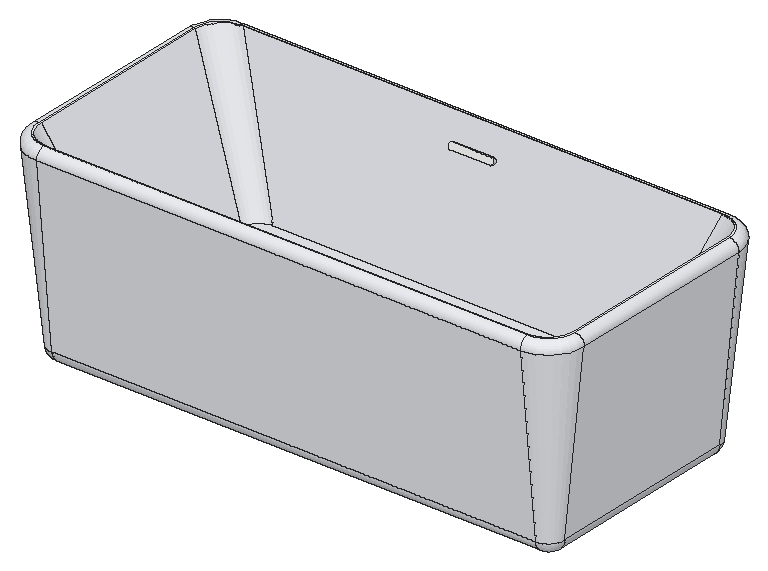
Revit family "Bathtub-Freestanding-American_Standard-Sedona_Loft-2766.034", category Plumbing Fixtures, Revit 2014
Parameters (values of type "2766.034")
  cUPC Compliant = yes
  Width = 29 7/8"
  Water Connection Diameter = 2 1/8"
  Waste Connection = yes
  Warranty Information = "Limited Lifetime warranty"
  WFU = 4
  Vent Connection = no
  URL = "https://www.americanstandard-us.com/"
  Tub Finish = Acrylic-American Standard-020-High Gloss White
  Shipping Weight = 103 lbf
  Product Page URL = "https://www.americanstandard-us.com/bathroom/bathtubs/sedona-loft-freestanding-tub-24553"
  Product Documentation Link = "https://www.americanstandard-us.com/-/media/sites/asus/files/product-specs/bathtubs/2017/spec-2766-034-sedonaloft-freestanding-tub.pdf?la=en"
  Price = "Prices may vary. Please consult Manufacturer Representative for most up-to-date price list."  # constant formula
  Overflow Finish = Metal-American Standard-002-Polished Chrome
  Model = "2766.034"
  Material = "Acrylic-American Standard-020-High Gloss White"
  Manufacturer = "American Standard"
  Length = 62 3/4"
  Installation Type = "Floor Mount"
  Height = 22 7/8"
  HWFU = 3
  HW Connection = yes
  Description = "Sedona Loft Freestanding Tub"
  Default Elevation = 0"
  Creation Date = "02/01/2018"  # constant formula
  CWFU = 3
  CW Connection = yes
  Assembly Code = "D2010510"
Reference planes (in)
  plane 1 "Center (Front/Back)": y = 0
  plane 2: z = 0
  plane 3 "Center (Left/Right)": x = 0
  plane 4: x = 2.5625
  plane 5: x = -2.5625
  plane 6: z = 22.875
  plane 7: z = 6.75
  plane 8: z = 20.125
  plane 9: y = -29.875
  plane 10: x = 31.375
  plane 11: x = -31.375
  plane 12: y = -3.80078
  plane 13: y = -14.9375
Forms (in)
  Extrusion 1, solid, material "Metal-American Standard-002-Polished Chrome" <- "Overflow Finish"
    sketch origin (0, -14.75342, -16.63414) x (1, 0, 0) y (0, 0.37677, 0.926307)
      loop
        arc (-2.20004, 39.02191) -> (-2.5625, 38.65946) -> (-2.20004, 38.297) r 0.36246
        line (-2.20004, 38.297) -> (2.20004, 38.297)
        arc (2.20004, 38.297) -> (2.5625, 38.65946) -> (2.20004, 39.02191) r 0.36246
        line (2.20004, 39.02191) -> (-2.20004, 39.02191)
    from 2.40998 to 2.62638
  Sweep 2, void
    path origin (0, 0, 0) x (1, 0, 0) y (0, 1, 0)
      loop
        arc (-27.375, 0) -> (-30.20343, -1.17157) -> (-31.375, -4) r 4
        line (-31.375, -4) -> (-31.375, -25.875)
        arc (-31.375, -25.875) -> (-30.20343, -28.70343) -> (-27.375, -29.875) r 4
        line (-27.375, -29.875) -> (27.375, -29.875)
        arc (27.375, -29.875) -> (30.20343, -28.70343) -> (31.375, -25.875) r 4
        line (31.375, -25.875) -> (31.375, -4)
        arc (31.375, -4) -> (30.20343, -1.17157) -> (27.375, 0) r 4
        line (27.375, 0) -> (-27.375, 0)
    profile origin (0, 0, 0) x (0, 1, 0) y (0, 0, 1)
      loop
        line (4, 22.875) -> (-1.00781, 22.875)
        arc (-1.00781, 22.875) -> (-0.26467, 22.54413) -> (-0.01329, 21.77047) r 1
        line (-0.01329, 21.77047) -> (-2.14823, 1.45786)
        arc (-2.14823, 1.45786) -> (-2.67798, 0.41817) -> (-3.76735, 0) r 1.62803
        line (-3.76735, 0) -> (4, 0) -> (4, 22.875)
  Extrusion 3, solid, material "Acrylic-American Standard-020-High Gloss White" <- "Tub Finish"
    sketch origin (0, 0, 0) x (1, 0, 0) y (0, 1, 0)
      loop
        line (-31.375, 0) -> (-31.375, -29.875) -> (31.375, -29.875) -> (31.375, 0) -> (-31.375, 0)
    from 0 to 22.875
  Blend 4, void
    base sketch origin (0, 0, 0) x (1, 0, 0) y (0, 1, 0)
      loop
        arc (-22.5, -22.8125) -> (-21.91421, -24.22671) -> (-20.5, -24.8125) r 2
        line (-20.5, -24.8125) -> (20.5, -24.8125)
        arc (20.5, -24.8125) -> (21.91421, -24.22671) -> (22.5, -22.8125) r 2
        line (22.5, -22.8125) -> (22.5, -7.0625)
        arc (22.5, -7.0625) -> (21.91421, -5.64829) -> (20.5, -5.0625) r 2
        line (20.5, -5.0625) -> (-20.5, -5.0625)
        arc (-20.5, -5.0625) -> (-21.91421, -5.64829) -> (-22.5, -7.0625) r 2
        line (-22.5, -7.0625) -> (-22.5, -22.8125)
    top sketch origin (0, 0, 0) x (1, 0, 0) y (0, 1, 0)
      loop
        arc (-30.11719, -25.8125) -> (-29.23851, -27.93382) -> (-27.11719, -28.8125) r 3
        line (-27.11719, -28.8125) -> (27.11719, -28.8125)
        arc (27.11719, -28.8125) -> (29.23851, -27.93382) -> (30.11719, -25.8125) r 3
        line (30.11719, -25.8125) -> (30.11719, -4.0625)
        arc (30.11719, -4.0625) -> (29.23851, -1.94118) -> (27.11719, -1.0625) r 3
        line (27.11719, -1.0625) -> (-27.11719, -1.0625)
        arc (-27.11719, -1.0625) -> (-29.23851, -1.94118) -> (-30.11719, -4.0625) r 3
        line (-30.11719, -4.0625) -> (-30.11719, -25.8125)
    from 6.75 to 22.875
  Extrusion 5, void
    sketch origin (0, 0, 0) x (1, 0, 0) y (0, 1, 0)
      loop
        circle (0, -14.9375) r 1.0325
    from 0 to 22.875
Cuts and joins
  Sweep 2, Blend 4, Extrusion 5 cuts Extrusion 3
Lines and regions (in)
  Masking region 1
    outline origin (0, 0, 0) x (1, 0, 0) y (0, 1, 0)
      loop
        arc (-27.375, 0) -> (-30.20343, -1.17157) -> (-31.375, -4) r 4
        line (-31.375, -4) -> (-31.375, -25.875)
        arc (-31.375, -25.875) -> (-30.20343, -28.70343) -> (-27.375, -29.875) r 4
        line (-27.375, -29.875) -> (27.375, -29.875)
        arc (27.375, -29.875) -> (30.20343, -28.70343) -> (31.375, -25.875) r 4
        line (31.375, -25.875) -> (31.375, -4)
        arc (31.375, -4) -> (30.20343, -1.17157) -> (27.375, 0) r 4
        line (27.375, 0) -> (-27.375, 0)
  symbolic lines, detail levels medium+fine
    curve 1: arc (-30.11719, -4.0625, 0) -> (-29.23851, -1.94118, 0) -> (-27.11719, -1.0625, 0) r 3
    curve 2: line (-30.11719, -25.8125, 0) -> (-30.11719, -4.0625, 0)
    curve 3: arc (-27.11719, -28.8125, 0) -> (-29.23851, -27.93382, 0) -> (-30.11719, -25.8125, 0) r 3
    curve 4: line (27.11719, -28.8125, 0) -> (-27.11719, -28.8125, 0)
    curve 5: arc (30.11719, -25.8125, 0) -> (29.23851, -27.93382, 0) -> (27.11719, -28.8125, 0) r 3
    curve 6: line (30.11719, -4.0625, 0) -> (30.11719, -25.8125, 0)
    curve 7: arc (27.11719, -1.0625, 0) -> (29.23851, -1.94118, 0) -> (30.11719, -4.0625, 0) r 3
    curve 8: line (-27.11719, -1.0625, 0) -> (27.11719, -1.0625, 0)
  symbolic lines, detail levels fine
    curve 9: line (20.5, -5.0625, 0) -> (-20.5, -5.0625, 0)
    curve 10: arc (-20.5, -5.0625, 0) -> (-21.91421, -5.64829, 0) -> (-22.5, -7.0625, 0) r 2
    curve 11: line (-22.5, -7.0625, 0) -> (-22.5, -22.8125, 0)
    curve 12: arc (-22.5, -22.8125, 0) -> (-21.91421, -24.22671, 0) -> (-20.5, -24.8125, 0) r 2
    curve 13: line (-20.5, -24.8125, 0) -> (20.5, -24.8125, 0)
    curve 14: arc (20.5, -24.8125, 0) -> (21.91421, -24.22671, 0) -> (22.5, -22.8125, 0) r 2
    curve 15: line (22.5, -22.8125, 0) -> (22.5, -7.0625, 0)
    curve 16: arc (22.5, -7.0625, 0) -> (21.91421, -5.64829, 0) -> (20.5, -5.0625, 0) r 2
    curve 17: line (-2.20004, -2.48396, 0) -> (2.20004, -2.48396, 0)
    curve 18: line (-2.20004, -2.28351, 0) -> (2.20004, -2.28351, 0)
    curve 19: line (-2.20004, -2.75709, 0) -> (2.20004, -2.75709, 0)
    curve 20: arc (-2.20004, -2.48396, 0) -> (-2.31526, -2.49202, 0) -> (-2.42823, -2.51603, 0) r 0.82783
    curve 21: arc (-2.42823, -2.51603, 0) -> (-2.48077, -2.53568, 0) -> (-2.52959, -2.5633, 0) r 0.35748
    curve 22: arc (-2.52959, -2.5633, 0) -> (-2.5504, -2.58375, 0) -> (-2.5625, -2.61029, 0) r 0.08005
    curve 23: arc (-2.5625, -2.61029, 0) -> (-2.56269, -2.6315, 0) -> (-2.55322, -2.65048, 0) r 0.04542
    curve 24: arc (-2.55322, -2.65048, 0) -> (-2.51152, -2.68869, 0) -> (-2.46135, -2.71481, 0) r 0.21667
    curve 25: arc (-2.46135, -2.71481, 0) -> (-2.39703, -2.73447, 0) -> (-2.331, -2.74731, 0) r 0.6426
    curve 26: arc (-2.331, -2.74731, 0) -> (-2.26568, -2.75433, 0) -> (-2.20004, -2.75709, 0) r 1.00957
    curve 27: line (-2.56385, -2.62128, 0) -> (-2.56385, -2.41631, 0)
    curve 28: arc (-2.56385, -2.41631, 0) -> (-2.5456, -2.37817, 0) -> (-2.51301, -2.35124, 0) r 0.09818
    curve 29: arc (-2.51301, -2.35124, 0) -> (-2.43699, -2.31664, 0) -> (-2.35579, -2.29711, 0) r 0.43798
    curve 30: arc (-2.35579, -2.29711, 0) -> (-2.27821, -2.28692, 0) -> (-2.20004, -2.28351, 0) r 0.89902
    curve 31: arc (2.20004, -2.48396, 0) -> (2.31526, -2.49202, 0) -> (2.42823, -2.51603, 0) r 0.82783
    curve 32: arc (2.42823, -2.51603, 0) -> (2.48077, -2.53568, 0) -> (2.52959, -2.5633, 0) r 0.35748
    curve 33: arc (2.52959, -2.5633, 0) -> (2.55227, -2.58654, 0) -> (2.56385, -2.61687, 0) r 0.08005
    curve 34: arc (2.5625, -2.61029, 0) -> (2.56269, -2.6315, 0) -> (2.55322, -2.65048, 0) r 0.04542
    curve 35: arc (2.55322, -2.65048, 0) -> (2.51152, -2.68869, 0) -> (2.46135, -2.71481, 0) r 0.21667
    curve 36: arc (2.46135, -2.71481, 0) -> (2.39703, -2.73447, 0) -> (2.331, -2.74731, 0) r 0.6426
    curve 37: arc (2.331, -2.74731, 0) -> (2.26568, -2.75433, 0) -> (2.20004, -2.75709, 0) r 1.00957
    curve 38: line (2.56385, -2.62128, 0) -> (2.56385, -2.41631, 0)
    curve 39: arc (2.56385, -2.41631, 0) -> (2.5456, -2.37817, 0) -> (2.51301, -2.35124, 0) r 0.09818
    curve 40: arc (2.51301, -2.35124, 0) -> (2.43699, -2.31664, 0) -> (2.35579, -2.29711, 0) r 0.43798
    curve 41: arc (2.35579, -2.29711, 0) -> (2.27821, -2.28692, 0) -> (2.20004, -2.28351, 0) r 0.89902
    curve 42: circle (0, -14.9375, 0) r 1.0625 normal (0, 0, 1)
Dimensions and locks (in)
  "Height": plane 6 to level
  plane 6 to plane 7 = 16 1/8"
  plane 5 to plane 4 = 5 1/8"
  "Length": plane 11 to plane 10
  "Width": plane 9 to plane 1 "Center (Front/Back)"
  cut or joined group of Sweep 2, Extrusion 3, Blend 4, Extrusion 5 to plane 8 = 2 3/4"
Automatic sketch dimensions
  Extrusion 1 sketch curve to plane 5 = 0.36246"
  Extrusion 1 sketch curve to plane 4 = 0.36246"
  Extrusion 1 sketch curve to Extrusion 1 sketch curve = 0.36246"
  Sweep 2 sketch curve to plane 11 = 0"
  plane 9 to Sweep 2 sketch curve = 0"
  plane 1 "Center (Front/Back)" to Sweep 2 sketch curve = 0"
  Sweep 2 sketch curve to plane 10 = 0"
  Sweep 2 sketch curve to plane 11 = 4"  (x2)
  Sweep 2 sketch curve to Sweep 2 sketch curve = 4"
  Sweep 2 sketch curve to plane 10 = 4"
  plane 9 to Extrusion 3 sketch curve = 0"
  Extrusion 3 sketch curve to plane 11 = 0"
  Extrusion 3 sketch curve to plane 10 = 0"
  plane 1 "Center (Front/Back)" to Extrusion 3 sketch curve = 0"
  Sweep 2 sketch curve to level = 0"
  Sweep 2 sketch curve to plane 12 = 0.03343"
  Sweep 2 sketch curve to Sweep 2 sketch curve = 1.61911"
  profile plane to Sweep 2 sketch curve = 0.01329"
  Sweep 2 sketch curve to profile plane = 4"
  level to Sweep 2 sketch curve = 1.45786"
  Sweep 2 sketch curve to Sweep 2 sketch curve = 20.31261"
  Sweep 2 sketch curve to Sweep 2 sketch curve = 0.10453"
  profile plane to Sweep 2 sketch curve = 1 1/128"
  Blend 4 sketch curve to plane 11 = 8 7/8"
  Blend 4 sketch curve to Blend 4 sketch curve = 2"  (x3)
  Blend 4 sketch curve to plane 9 = 5 1/16"
  Blend 4 sketch curve to plane 10 = 10 7/8"  (x2)
  plane 1 "Center (Front/Back)" to Blend 4 sketch curve = 7 1/16"
  Blend 4 sketch curve to plane 11 = 1 33/128"
  Blend 4 sketch curve to Blend 4 sketch curve = 3"  (x2)
  Blend 4 sketch curve to plane 9 = 1 1/16"
  Blend 4 sketch curve to plane 10 = 4 33/128"  (x2)
  Blend 4 sketch curve to plane 10 = 1 33/128"
  plane 1 "Center (Front/Back)" to Blend 4 sketch curve = 4 1/16"
  Extrusion 5 sketch curve to plane 3 "Center (Left/Right)" = 0"
  plane 13 to Extrusion 5 sketch curve = 0"
  Masking region 1 sketch curve to plane 11 = 0"
  plane 9 to Masking region 1 sketch curve = 0"
  plane 1 "Center (Front/Back)" to Masking region 1 sketch curve = 0"
  Masking region 1 sketch curve to plane 10 = 0"
  Masking region 1 sketch curve to plane 11 = 4"
  Masking region 1 sketch curve to Masking region 1 sketch curve = 4"  (x2)
  Masking region 1 sketch curve to plane 9 = 4"
  curve 23 to plane 5 = 0"
  curve 22 to plane 5 = 0"
  curve 42 to plane 3 "Center (Left/Right)" = 0"
  curve 34 to plane 4 = 0"
  plane 13 to curve 42 = 0"
  plane 5 to curve 27 = 0.00135"
  curve 13 to plane 9 = 5 1/16"
  curve 13 to plane 11 = 10 7/8"
  plane 1 "Center (Front/Back)" to curve 9 = 5 1/16"
  curve 9 to plane 11 = 10 7/8"
  curve 11 to curve 10 = 2"
  plane 1 "Center (Front/Back)" to curve 8 = 1 1/16"
  curve 8 to plane 11 = 4 33/128"
  curve 4 to plane 9 = 1 1/16"
  curve 4 to plane 11 = 4 33/128"
  curve 2 to plane 11 = 1 33/128"
  curve 23 to plane 5 = 0.04407"
  curve 23 to curve 22 = 0.0336"
  curve 28 to plane 5 = 0.09427"
  curve 28 to curve 24 = 0.08099"
  curve 21 to plane 5 = 0.23281"
  curve 21 to curve 29 = 0.03529"
  curve 25 to plane 5 = 0.32093"
  curve 25 to curve 18 = 0.04152"
  curve 29 to curve 19 = 0.09436"
  curve 24 to curve 17 = 0.1872"
  curve 25 to curve 26 = 0.05107"
  curve 37 to plane 4 = 0.372"
  curve 41 to plane 4 = 0.36246"
  curve 17 to curve 18 = 0"
  curve 19 to curve 31 = 0"
  curve 18 to curve 36 = 0.04152"
  curve 37 to curve 40 = 0.09436"
  curve 40 to curve 32 = 0.03529"
  curve 35 to plane 4 = 0.17525"
  curve 39 to plane 4 = 0.09427"
  curve 33 to plane 4 = 0.07767"
  curve 33 to curve 34 = 0.0336"
  plane 4 to curve 38 = 0.00135"
  curve 9 to plane 10 = 10 7/8"
  curve 13 to plane 10 = 10 7/8"
  curve 16 to curve 15 = 2"
  curve 7 to plane 10 = 4 33/128"
  curve 4 to plane 10 = 4 33/128"
  curve 6 to plane 10 = 1 33/128"
  plane 1 "Center (Front/Back)" to curve 31 = 3.31179"
  plane 1 "Center (Front/Back)" to curve 20 = 3.31179"
  curve 31 to curve 41 = 0.12926"
  curve 20 to curve 30 = 0.12926"
  curve 30 to curve 21 = 0.32287"
  curve 41 to curve 32 = 0.32287"
  curve 21 to curve 19 = 0.10258"
  curve 19 to curve 29 = 0.02633"
  curve 37 to curve 40 = 0.02633"
  curve 40 to curve 33 = 0.1011"
  curve 29 to curve 22 = 0.1011"
  curve 33 to curve 34 = 0.00838"
  curve 22 to curve 24 = 0.05209"
  curve 33 to curve 35 = 0.11845"
  curve 24 to curve 17 = 0.02724"
  curve 20 to curve 28 = 0.07741"
  curve 31 to curve 39 = 0.07741"
  curve 39 to curve 38 = 0.02231"
  curve 28 to curve 27 = 0.02231"
  curve 17 to curve 18 = 0.20045"
  curve 30 to curve 25 = 0.17256"
  curve 18 to curve 36 = 0.17256"
  curve 36 to curve 37 = 0.3634"
  curve 25 to curve 26 = 0.3634"
  curve 24 to curve 23 = 0"
  curve 21 to curve 22 = 0"
  curve 28 to plane 5 = 0.04949"
  curve 25 to curve 24 = 0"
  curve 36 to curve 37 = 0"
  curve 18 to curve 40 = 0.15575"
  curve 32 to curve 31 = 0"
  curve 35 to curve 36 = 0"
  curve 33 to curve 32 = 0"
  curve 27 to curve 22 = 0.01099"
  curve 38 to curve 33 = 0.00441"
  radius of Extrusion 5 sketch curve = 1.0325"
  radius of curve 42 = 1 1/16"
Connectors (in)
  piping at (0, -14.9375, 0), diameter 2.125, driven by "WFU", driven by "Water Connection Diameter"
    settings: on cut or joined group of Sweep 2, Extrusion 3, Blend 4, Extrusion 5, index 1, connector inside diameter 24", connector length 0", flow factor 0, pipe flow 0 GPM, pressure drop 0.00 psi, fitting loss kfactor 0, connector angle 0.00°, fixture units 4, engagement length 0", angle of deflection 0.00°, flow configuration 3, flow direction 2, fitting loss method 0, system type 16, joint type 0, gender type 0, connector reference index -1, connector utility 0, adjustable connector no, is connector primary yes, connector description "2-1/8\" Waste Outlet"
